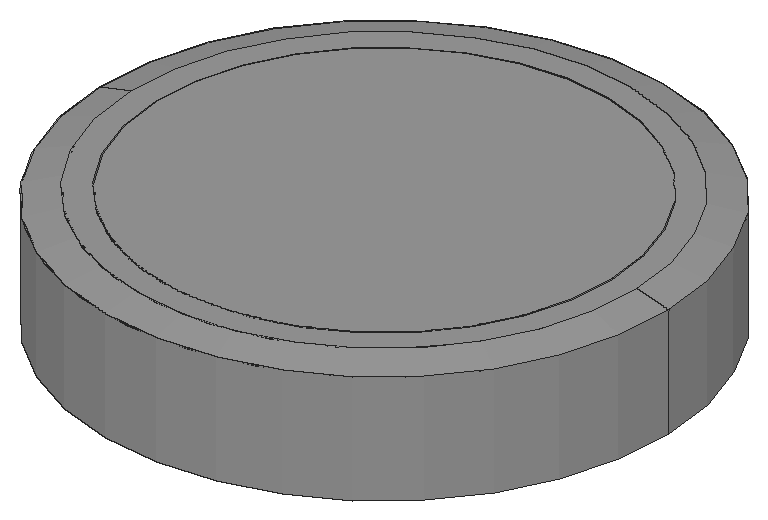
Revit family "0054105", category Lighting Fixtures, host Face, Revit 2018
Family settings
  Host = Face
  Round Connector Dimension = Use Diameter
  Part Type = Normal
  OmniClass Number = 23.80.70.00
  OmniClass Title = Lighting
  Cut with Voids When Loaded = No
  Light Source = Yes
  Shared = No
  Room Calculation Point = No
Parameters (values of type "0054105 START ECO DOWNLIGHT 215 2100LM 830 SRFC")
  lens dia = 172 mm
  chamfer dia = 191 mm
  Weight = "n/a"
  Wattage Comments = ""
  Wattage = 9.2903 W
  WarrantyStartDate [instance] = "n/a"
  WarrantyGuarantorParts = "n/a"
  WarrantyDurationUnit = "n/a"
  WarrantyDurationParts = ""
  WarrantyDescription = "http://www.sylvania-lighting.com"
  built-in parameter 1150110 = 1 (stored number, unit not read)
  Voltage = 0 V
  URL = "0.5"
  TypeName = "START eco Downlight 215 2100lm 830 Surface"
  Type Image = <None>
  Type Comments = "n/a"
  built-in parameter 1114217 = 1 (stored number, unit not read)
  Tilt Angle = -90.00°
  built-in parameter 1150109 = 1 (stored number, unit not read)
  built-in parameter 1150134 = 3
  built-in parameter 1150113 = 1 (stored number, unit not read)
  SerialNumber [instance] = "n/a"
  Photometric Web File = "0054105.ies"
  Material_3_SYL = none
  PowerFactor = 0
  PowerConsumption = "Lighting"
  NominalLength = 215 mm
  NominalHeight = 44.9 mm
  NominalDepth = 215 mm
  Name = "START eco Downlight 215 2100lm 830 Surface"
  ModelReference = Name  # "START eco Downlight 215 2100lm 830 Surface"
  ModelNumber = "0054105"
  Model = Name  # "START eco Downlight 215 2100lm 830 Surface"
  Material = "Feilo Sylvania"
  ManufacturerName = "88 lm/W"
  Manufacturer = ""
  LuminousEfficacy = ""
  built-in parameter 1150105 = 109.82 (stored number, unit not read)
  Lumens = 1380 lm
  LuminaireType = "0"
  built-in parameter 1150115 = 1 (stored number, unit not read)
  LightOutputRatio = "LED"
  built-in parameter 1150137 = (empty or 0)
  built-in parameter 1150139 = (empty or 0)
  LampsType = Lamp  # "n/a"
  LampNominalLuminous = "3000 K"
  LampMacAdamStep = "80"
  LampColourTemperature = "LED"
  LampColourRenderingIndex = "16500"
  built-in parameter 1150112 = 1 (stored number, unit not read)
  built-in parameter 1150114 = 1 (stored number, unit not read)
  Lamp = "n/a"
  Keynote = "n/a"
  InstallationDate [instance] = "n/a"
  InputVoltage = "0"
  InputNominalFrequency = "3000"
  built-in parameter 1150132 = (empty or 0)
  built-in parameter 1150102 = (empty or 0)
  built-in parameter 1150107 = 3200 (stored number, unit not read)
  built-in parameter 1150138 = (empty or 0)
  IngressProtection = "IfcLightFixtureType"
  ImpactProtectionIndex = "IfcLightFixtureType"
  built-in parameter 1150106 = 1.0982 (stored number, unit not read)
  IfcExportType = "IfcLightFixtureType"
  IfcExportAs = "Class II"
  Emit from Circle Diameter = 609.6 mm
  Emit Shape Visible in Rendering = no
  ElectricShockClassification = "88"
  built-in parameter 1150104 = 13.8 (stored number, unit not read)
  DocumentationLiterature = "http://www.sylvania-lighting.com/product/en-int/products/0054105"
  DimmingControlOptions = "n/a"
  Material_2_SYL = none
  Dimming Lamp Color Temperature Shift = <None>
  Description = "START eco Downlight is an integrated LED surface mounted downlight with built-in non dimmable driver; 24W; 2100Lm; 88Lm/W; 3000K."
  Default Elevation = 1219.2 mm
  CreatedOn = "21/09/2022"
  CreatedBy = "@sylvania-lighting.com"
  Cost = 0
  Color Filter = 16777215
  built-in parameter 1114216 [instance] = (empty or 0)
  ClassificationValue = "EF_70_80"
  ClassificationName = "Uniclass2015"
  Material_1_SYL = none
  BarCode [instance] = "n/a"
  built-in parameter 1114218 = 1 (stored number, unit not read)
  built-in parameter 1150133 = 10 (stored number, unit not read)
  AssetType = "Fixed"
  AssetIdentifier [instance] = "n/a"
  Assembly Code = "D5020200"
  Apparent Load = 24 VA
  Material_4_SYL = none
Reference planes
  plane 1 "Center (Front/Back)": y = 0
  plane 2: z = 0
  plane 3 "Center (Left/Right)": x = 0
  plane 4: x = -107.5
  plane 5: x = 107.5
  plane 6: y = 107.5
  plane 7: y = -107.5
  plane 8: z = 44.9
  plane 9: y = 95.5
  plane 10: y = -95.5
  plane 11: y = 86
  plane 12: y = -86
Forms (mm)
  Extrusion 1, solid, material "Aluminum", detail levels medium+fine
    sketch origin (0, 0, 0) x (1, 0, 0) y (0, 1, 0)
      loop
        circle (0, 0) r 107.5
    from 0 to 42
  Blend 2, solid, material "Aluminum", detail levels medium+fine
    base sketch origin (0, 0, 0) x (1, 0, 0) y (0, 1, 0)
      loop
        circle (0, 0) r 107.5
    top sketch origin (0, 0, 0) x (1, 0, 0) y (0, 1, 0)
      loop
        circle (0, 0) r 95.5
    from 42 to 44.9
  Extrusion 3, void
    sketch origin (0, 0, 0) x (1, 0, 0) y (0, 1, 0)
      loop
        circle (0, 0) r 86
    from 44.9 to 43.9
  Extrusion 4, solid, material "Glass, White, High Luminance", detail levels fine
    sketch origin (0, 0, 0) x (1, 0, 0) y (0, 1, 0)
      loop
        circle (0, 0) r 86
    from 44.9 to 43.9
  Extrusion 5, solid, detail levels coarse
    sketch origin (0, 0, 0) x (1, 0, 0) y (0, 1, 0)
      loop
        line (-107.5, 107.5) -> (-107.5, -107.5) -> (107.5, -107.5) -> (107.5, 107.5) -> (-107.5, 107.5)
    from 0 to 44.9
Cuts and joins
  Extrusion 3 cuts Extrusion 1
  Extrusion 3 cuts Blend 2
Dimensions and locks
  "NominalLength": plane 4 to plane 5
  equal spacing: plane 4, plane 3 "Center (Left/Right)", plane 5
  "NominalDepth": plane 6 to plane 7
  equal spacing: plane 6, plane 1 "Center (Front/Back)", plane 7
  "NominalHeight": plane 8 to level
  "chamfer dia": plane 9 to plane 10
  equal spacing: plane 9, plane 1 "Center (Front/Back)", plane 10
  "lens dia": plane 12 to plane 11
  equal spacing: plane 12, plane 1 "Center (Front/Back)", plane 11
  aligned and locked: plane 2 to host face
  aligned and locked: level to host face
Automatic sketch dimensions
  host sketch curve to host sketch curve = 2438.4 mm  (x2)
  plane 1 "Center (Front/Back)" to Extrusion 1 sketch curve = 0 mm
  Extrusion 1 sketch curve to plane 3 "Center (Left/Right)" = 0 mm
  plane 1 "Center (Front/Back)" to Blend 2 sketch curve = 0 mm  (x2)
  Blend 2 sketch curve to plane 3 "Center (Left/Right)" = 0 mm  (x2)
  plane 1 "Center (Front/Back)" to Extrusion 3 sketch curve = 0 mm
  Extrusion 3 sketch curve to plane 3 "Center (Left/Right)" = 0 mm
  plane 1 "Center (Front/Back)" to Extrusion 4 sketch curve = 0 mm
  Extrusion 4 sketch curve to plane 3 "Center (Left/Right)" = 0 mm
  Extrusion 5 sketch curve to plane 4 = 0 mm
  Extrusion 5 sketch curve to plane 5 = 0 mm
  Extrusion 5 sketch curve to plane 7 = 0 mm
  Extrusion 5 sketch curve to plane 6 = 0 mm
  radius of Extrusion 1 sketch curve = 107.5 mm
  radius of Blend 2 sketch curve = 107.5 mm
  radius of Blend 2 sketch curve = 95.5 mm
  radius of Extrusion 3 sketch curve = 86 mm
  radius of Extrusion 4 sketch curve = 86 mm
Connectors
  electrical at (0, 0, 0), driven by "Apparent Load", driven by "PowerFactor", driven by "Voltage"
    settings: index 1, voltage 0 V, apparent load 24 VA, apparent load phase1 0 VA, apparent load phase2 0 VA, apparent load phase3 0 VA, power factor 0, load classification "Lighting", number of poles 1, system type 30, power factor state 1, is connector primary yes, connector utility no, sub classification motor no, connector description ""
